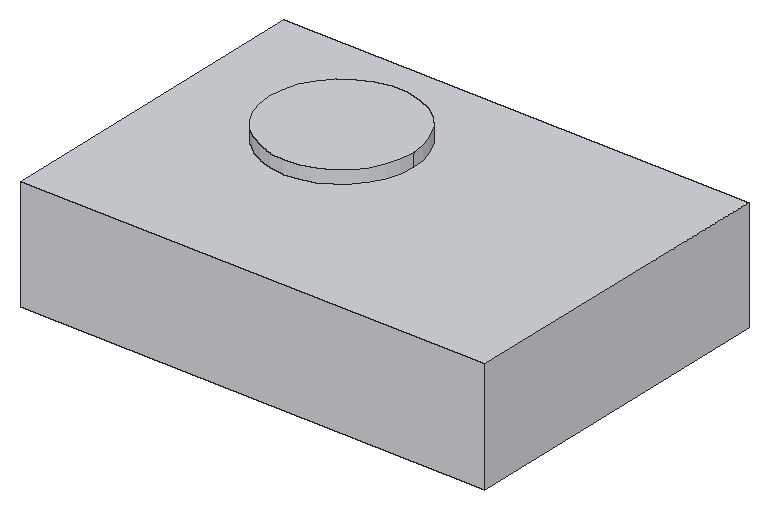
Revit family "concentric_vent_adapter_box", category Generic Models, Revit 2024
Family settings
  Can host rebar = No
  Round Connector Dimension = Use Diameter
  Part Type = Normal
  Work Plane-Based = No
  Always vertical = Yes
  Cut with Voids When Loaded = No
  Maintain Annotation Orientation = No
  Shared = No
  Room Calculation Point = No
Parameters
  box_width [instance] = 1' - 6 223/256"
  box_length [instance] = 1' - 1 25/64"
  box_heigth [instance] = 0' - 4 73/128"
  Default Elevation = 0' - 0"
Reference planes (in)
  plane 1 "Center (Front/Back)": y = 0
  plane 2: z = 0
  plane 3 "Center (Left/Right)": x = 0
  plane 4: y = 6.69531
  plane 5: x = 9.43555
  plane 6: x = -9.43555
  plane 7: y = -6.69531
  plane 8: z = 0.67566
  plane 9: z = 4.57031
  plane 10: x = 1.31445
  plane 11: x = -3.20555
  plane 12: y = 1.83531
  plane 13: y = -2.09531
Forms (in)
  Extrusion 1, solid
    sketch origin (0, 0, 0) x (1, 0, 0) y (0, 1, 0)
      loop
        line (-9.43555, 6.69531) -> (-9.43555, -6.69531) -> (9.43555, -6.69531) -> (9.43555, 6.69531) -> (-9.43555, 6.69531)
    from 0 to 4.57031 <- "box_heigth"
  Extrusion 2, solid
    sketch origin (-6.72694, -180, 4.57031) x (-1, 0, 0) y (0, -1, 0)
      loop
        circle (-3.52139, -181.83531) r 2.93
    from 0 to 0.53125
  Extrusion 3, solid
    sketch origin (0, 0, 0) x (1, 0, 0) y (0, 1, 0)
      loop
        circle (-3.20555, 1.83531) r 2.43
      loop
        circle (1.31445, -2.09531) r 1.93
    from 0 to -1.17188
Dimensions and locks (in)
  equal spacing: plane 6, plane 3 "Center (Left/Right)", plane 5
  equal spacing: plane 4, plane 1 "Center (Front/Back)", plane 7
  "box_width": plane 6 to plane 5
  "box_length": plane 4 to plane 7
  plane 8 to level = 0' - 0.67566"
  "box_heigth": plane 9 to level
  plane 7 to plane 13 = 0' - 4.6"
  plane 6 to plane 11 = 0' - 6.23"
  locked: plane 6 to plane 10 at 10.75
  plane 4 to plane 12 = 0' - 4.86"
  diameter of Extrusion 2 sketch curve = 0' - 5.86"
  diameter of Extrusion 3 sketch curve = 0' - 4.86"
  diameter of Extrusion 3 sketch curve = 0' - 3.86"
  aligned and locked: plane 2 to level
  aligned and locked: Extrusion 1 sketch curve to plane 4
  aligned and locked: Extrusion 1 sketch curve to plane 6
  aligned and locked: Extrusion 1 sketch curve to plane 7
  aligned and locked: Extrusion 1 sketch curve to plane 5
  aligned and locked: plane 11 to Extrusion 3 sketch curve
  aligned and locked: plane 12 to Extrusion 3 sketch curve
  aligned and locked: plane 10 to Extrusion 3 sketch curve
  aligned and locked: plane 13 to Extrusion 3 sketch curve
  aligned and locked: plane 11 to Extrusion 2 sketch curve
  aligned and locked: plane 12 to Extrusion 2 sketch curve
Connectors (in)
  hvac at (-3.20555, 1.83531, 5.10156)
    settings: on Extrusion 2, index 1, duct flow 0 CFM, flow factor 0, pres drop 0.00 in-wg, loss coef 0, conn angle 0.00°, conn width 12", conn height 12", conn diameter 6", duct sys type 29, conn prof type 0, flow config 0, flow direction 0, loss method 0, conn ref index -1, conn util no, is conn primary yes, conn desc ""
  hvac at (-3.20555, 1.83531, -1.17188)
    settings: on Extrusion 3, index 2, duct flow 0 CFM, flow factor 0, pres drop 0.00 in-wg, loss coef 0, conn angle 0.00°, conn width 12", conn height 12", conn diameter 5", duct sys type 29, conn prof type 0, flow config 0, flow direction 0, loss method 0, conn ref index -1, conn util no, is conn primary no, conn desc ""
  hvac at (1.31445, -2.09531, -1.17188)
    settings: on Extrusion 3, index 3, duct flow 0 CFM, flow factor 0, pres drop 0.00 in-wg, loss coef 0, conn angle 0.00°, conn width 12", conn height 12", conn diameter 4", duct sys type 29, conn prof type 0, flow config 0, flow direction 0, loss method 0, conn ref index -1, conn util no, is conn primary no, conn desc ""
